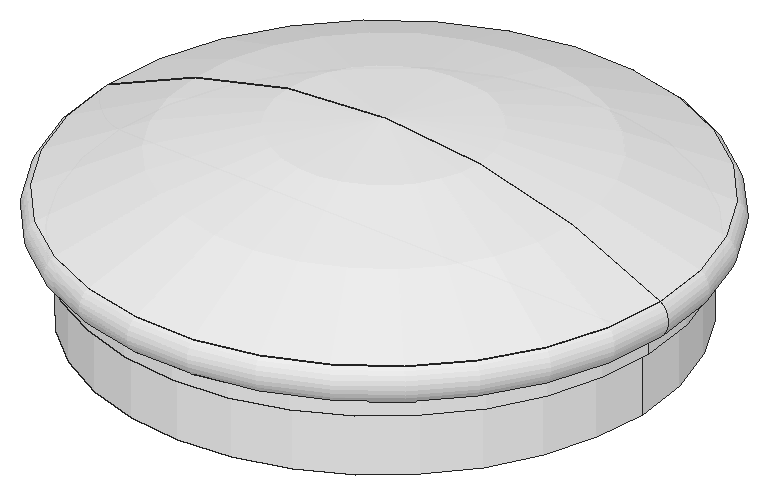
Revit family "3099806 Feilo Sylvania Lighting Fixture CLIO 430 LED 3K EMG", category Lighting Fixtures, host Face, Revit 2017
Family settings
  Host = Face
  Round Connector Dimension = Use Diameter
  Part Type = Normal
  OmniClass Number = 23.80.70.11.17
  OmniClass Title = Specialized Lighting by Location or Use
  Cut with Voids When Loaded = No
  Light Source = Yes
  Shared = No
  Room Calculation Point = No
Parameters (values of type "3099806 CLIO 430 LED 3K EMG")
  Weight = "1.69 kg"
  Wattage = 26 W
  WarrantyStartDate [instance] = "n/a"
  WarrantyGuarantorParts = "n/a"
  WarrantyDurationUnit = "n/a"
  WarrantyDurationParts = "n/a"
  WarrantyDescription = "n/a"
  built-in parameter 1150110 = 1 (stored number, unit not read)
  Voltage = 230 V
  URL = "http://www.sylvania-lighting.com"
  TypeName = "CLIO 430 LED 3K EMG"
  built-in parameter 1114217 = 1 (stored number, unit not read)
  Tilt Angle = -90.00°
  built-in parameter 1150109 = 1 (stored number, unit not read)
  built-in parameter 1150134 = (empty or 0)
  built-in parameter 1150113 = 1 (stored number, unit not read)
  SerialNumber [instance] = "n/a"
  Radius_FEILO = 215.00 mm
  PowerFactor = 0
  PowerConsumption = "26 W"
  Photometry Comments = ""
  Photometric Web File = "3099806.ies"
  NominalWidth = 0.00 mm
  NominalLength = 430.00 mm
  NominalHeight = 134.50 mm
  Name = "CLIO 430 LED 3K EMG"
  ModelReference = "CLIO 430 LED 3K EMG"
  ModelNumber = "3099806"
  Material_4_FEILO = none
  Material_3_FEILO = none
  Material_2_FEILO = Acrylic Glass_Sylvania_Clio LED_White
  Material_1_FEILO = Polycarbonate_Sylvania_Clio LED_White
  Material = "n/a"
  ManufacturerName = "Feilo Sylvania"
  LuminousEfficacy = "89 lm/W"
  LuminaireType = ""
  LightOutputRatio = "n/a"
  LampsType = Lamp  # "20W"
  LampNominalLuminous = "2200 lm"
  LampMacAdamStep = "n/a"
  LampColourTemperature = "3000 K"
  LampColourRenderingIndex = "80"
  Keynote = "16500"
  InstallationDate [instance] = "n/a"
  InputVoltage = "220-240V~"
  InputNominalFrequency = "50/60 Hz"
  IngressProtection = "IP44"
  ImpactProtectionIndex = "IK06"
  IfcExportType = "IfcLightFixtureType"
  IfcExportAs = "IfcLightFixtureType"
  Height_FEILO = 132.00 mm
  ExpectedLife = 50000
  ElectricShockClassification = "Class II"
  DurationUnit = "hours"
  DocumentationLiterature = "http://www.sylvania-lighting.com/product/en-int/products/3099806"
  DimmingControlOptions = "n/a"
  Diameter_FEILO = Radius_FEILO * 2  # 430.00 mm
  CreatedOn = "2/7/2018"
  CreatedBy = ""
  built-in parameter 1114216 [instance] = 1 (stored number, unit not read)
  Model = "CLIO 430 LED 3K EMG"
  Manufacturer = "Feilo Sylvania"
  built-in parameter 1150105 = 731.59 (stored number, unit not read)
  Lumens = 2314 lm
  built-in parameter 1150115 = 1 (stored number, unit not read)
  built-in parameter 1150137 = (empty or 0)
  built-in parameter 1150139 = (empty or 0)
  built-in parameter 1150112 = 1 (stored number, unit not read)
  built-in parameter 1150114 = 1 (stored number, unit not read)
  Lamp = "20W"  # constant formula
  built-in parameter 1150132 = 2
  built-in parameter 1150102 = (empty or 0)
  built-in parameter 1150107 = 3000 (stored number, unit not read)
  built-in parameter 1150138 = (empty or 0)
  built-in parameter 1150106 = 7.3159 (stored number, unit not read)
  built-in parameter 1150104 = 8.2684 (stored number, unit not read)
  Dimming Lamp Color Temperature Shift = <None>
  Description = "Large ambient bulkhead luminaire with with integral 3 hour maintained emergency, loop in/loop out wiring, surface or rear cable entry, white polycarbonate housing with opal diffuser, 2076lm, 25W, 83lm/W, 3000K, 640mA, 80CRI, non-dimmable, IP44, IK06, 40,000 hours (L70), Ø430x132mm, 5 SDCM, 1.7kg, Class II, 220-240V, Energy class A++ (integrated LED)"
  Default Elevation = 0.00 mm
  Color Filter = 16777215
  built-in parameter 1140040 [instance] = 1
  BarCode [instance] = "n/a"
  built-in parameter 1114218 = 1 (stored number, unit not read)
  built-in parameter 1150133 = 10 (stored number, unit not read)
  AssetType = "Fixed"
  AssetIdentifier [instance] = "n/a"
  Assembly Code = "D5020200"
  Apparent Load Comments = ""
  Apparent Load = 26 VA
Reference planes
  plane 1 "Center (Front/Back)": y = 0
  plane 2: z = 0
  plane 3 "Center (Left/Right)": x = 0
  plane 4 "Fixture Bottom": z = 132
  plane 5 "Fixture Right": x = 215
  plane 6 "Fixture Left": x = -215
  plane 7: z = 42.75
  plane 8: z = 54
  plane 9: x = 195
  plane 10: x = 200
  plane 11: x = -195
  plane 12: x = -200
  plane 13: x = 209
  plane 14: x = -209
  plane 15: z = 81.25
Forms (mm)
  Revolve 1, solid, material "Polycarbonate_Sylvania_Clio LED_White" <- "Material_1_FEILO"
    sketch origin (0, 0, 0) x (1, 0, 0) y (0, 0, 1)
      loop
        line (0, 0) -> (195, 0) -> (195, 42.75) -> (200, 42.75) -> (200, 54) -> (0, 54) -> (0, 0)
      axis (0, 54) -> (0, 0)
    angle from 0 to 360
  Revolve 2, solid, material "Acrylic Glass_Sylvania_Clio LED_White" <- "Material_2_FEILO"
    sketch origin (0, 0, 0) x (1, 0, 0) y (0, 0, 1)
      loop
        arc (209, 81.25) -> (107.671, 119.683) -> (0, 132) r 437.011
        line (0, 132) -> (0, 54) -> (200, 54)
        arc (200, 54) -> (214.332, 64.378) -> (209, 81.25) r 15.119
      axis (0, 132) -> (0, 54)
    angle from 0 to 360
Dimensions and locks
  "Height_FEILO": plane 4 "Fixture Bottom" to plane 2
  equal spacing: plane 5 "Fixture Right", plane 3 "Center (Left/Right)", plane 6 "Fixture Left"
  "Diameter_FEILO": plane 5 "Fixture Right" to plane 6 "Fixture Left"
  locked: plane 5 "Fixture Right" to plane 10 at 15
  locked: plane 5 "Fixture Right" to plane 9 at 20
  locked: plane 5 "Fixture Right" to plane 13 at 6
  locked: plane 11 to plane 6 "Fixture Left" at 20
  locked: plane 12 to plane 6 "Fixture Left" at 15
  locked: plane 14 to plane 6 "Fixture Left" at 6
  locked: plane 4 "Fixture Bottom" to plane 15 at 50.75
  locked: plane 8 to plane 7 at 11.25
  locked: plane 15 to plane 8 at 27.25
  aligned and locked: host face to plane 2
  aligned and locked: level to host face
  aligned and locked: plane 3 "Center (Left/Right)" to Revolve 1 sketch curve
  aligned and locked: Revolve 1 sketch curve to plane 2
  aligned and locked: Revolve 1 sketch curve to plane 8
  aligned and locked: Revolve 1 sketch curve to plane 7
  aligned and locked: Revolve 1 sketch curve to plane 9
  aligned and locked: Revolve 1 sketch curve to plane 10
  aligned and locked: Revolve 2 sketch curve to plane 3 "Center (Left/Right)"
  aligned and locked: imposter light to plane 3 "Center (Left/Right)"
  aligned and locked: plane 4 "Fixture Bottom" to imposter light
  aligned and locked: plane 13 to Revolve 2 sketch curve
  aligned and locked: plane 15 to Revolve 2 sketch curve
  aligned and locked: Revolve 2 sketch curve to Revolve 1
  aligned and locked: imposter light to Revolve 2 sketch curve
Automatic sketch dimensions
  host sketch curve to host sketch curve = 1337.794 mm
  host sketch curve to host sketch curve = 1283.632 mm
  Revolve 1 sketch curve to plane 3 "Center (Left/Right)" = 0.00 mm
  Revolve 1 sketch curve to level = 55.00 mm
  Revolve 1 sketch curve to Revolve 1 sketch curve = 25.00 mm
  plane 10 to Revolve 2 sketch curve = 0.00 mm
  Revolve 2 sketch curve to plane 4 "Fixture Bottom" = 0.00 mm
  plane 3 "Center (Left/Right)" to Revolve 2 sketch curve = 4.551 mm
  plane 10 to Revolve 2 sketch curve = 0.025 mm
  Revolve 2 sketch curve to level = 45.00 mm
  Revolve 2 sketch curve to Revolve 2 sketch curve = 67.00 mm
Connectors
  electrical at (0, 0, 0), driven by "Apparent Load", driven by "Voltage", driven by "PowerFactor"
    settings: on Revolve 1, index 1, voltage 230 V, apparent load 0 VA, apparent load phase1 26 VA, apparent load phase2 0 VA, apparent load phase3 0 VA, power factor 0, load classification "Lighting", number of poles 1, system type 31, power factor state 1, is connector primary yes, connector utility no, sub classification motor no, connector description ""
